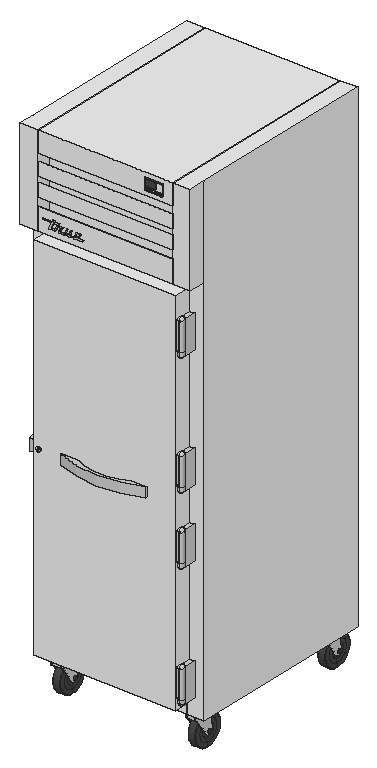
Revit family
Parameters
  Weight in Pounds = 0
  Watts = 1500 W
  Volts = 208 V
  URL Cutsheet = "www.truemfg.com"
  URL = "www.truemfg.com"
  Type Mark [instance] = ""
  Type Comments = ""
  Status [instance] = ""
  Specification by User [instance] = ""
  Specification by Manufacturer = ""
  Show Seismic Flanged [instance] = no
  Show Logo [instance] = yes
  Show Legs [instance] = no
  Show Clearance [instance] = yes
  Serial Number = ""
  Seismic Rating = ""
  Seismic Plate [instance] = and(Show Seismic Flanged, not(Show Casters))  # no
  SMACNA No = ""
  Revision Code [instance] = ""
  Phase = 1
  Omniclass Number and Title = ""
  Number of Poles [instance] = 1
  NAFEM Spec ID Number = ""
  Model = "STR1H-1S"
  Min Ckt Ampacity = 0 A
  Max Overcurrent Protection = 0 A
  Masterspec = ""
  Manufacturer = "TRUE FOOD SERVICE EQUIPMENT, INC."
  Length = 27 1/2"
  Legs [instance] = or(Show Legs, Show Seismic Flanged)  # no
  Item Number [instance] = ""
  Installed By [instance] = ""
  Identify Quantity as Lot [instance] = yes
  Height = 77 3/4"
  HP = ""
  Furnished By [instance] = ""
  Foodservice Equipment Identifier [instance] = yes
  FL Amps = Watts / Volts  # 7.21154 A
  Electrical Remarks [instance] = ""
  Electric Connection Type [instance] = ""
  Elec Conn RI Height [instance] = 0"
  Elec Conn Connection Height [instance] = 0"
  Description = "Reach-in Solid Swing Door Heated Cabinet"
  Depth = 33 3/4"
  Cycle = 60 Hz
  Conn Plug = "6-15P"
  Conn Conduit = yes
  Show Casters [instance] = and(not(if(Show Legs, Show Legs, Show Legs)), not(if(Show Legs, Show Legs, Show Seismic Flanged)))  # yes
  CSI MasterFormat = ""
  CSI Master Format = ""
  Apparent Power = if(Phase = 3, Volts * FL Amps * 1.73, Volts * FL Amps)  # 1500 VA
Reference planes (in)
  plane 1 "BACK": y = 0
  plane 2: z = 0
  plane 3 "LEFT": x = 0
  plane 4 "RIGHT": x = 27.5
  plane 5 "FRONT": y = -33.75
  plane 6 "TOP": z = 84.125
  plane 7: z = 6.125
  plane 8: x = 2.84375
  plane 9: y = -33.7042
Forms (in)
  Extrusion 1, solid, material "QF_Finishes_Chrome - Satin"
    sketch origin (0.05, 0, 0) x (1, 0, 0) y (0, 1, 0)
      loop
        line (-0.05, 0) -> (-0.05, -31) -> (2.87859, -31) -> (2.87859, 0) -> (-0.05, 0)
    from 6.125 to 84.125
  Extrusion 2, solid, material "QF_Finishes_Chrome - Satin"
    sketch origin (50.15, 0, 0) x (1, 0, 0) y (0, 1, 0)
      loop
        line (-25.44375, 0) -> (-25.44375, -31) -> (-22.65, -31) -> (-22.65, 0) -> (-25.44375, 0)
    from 6.125 to 84.125
  Extrusion 3, solid, material "QF_Finishes_Chrome - Satin"
    sketch origin (0, 0, 0) x (0, 1, 0) y (0, 0, 1)
      loop
        line (-33.7042, 69.5) -> (-31, 69.5) -> (-31, 6.125) -> (0, 6.125) -> (0, 84.125) -> (-33.7042, 84.125) -> (-33.7042, 80.78078) -> (-31.5, 79.21352) -> (-31.5, 78.09125) -> (-33.7042, 79.65851) -> (-33.7042, 77.5248) -> (-31.5, 75.95754) -> (-31.5, 74.99678) -> (-33.7042, 76.56404) -> (-33.7042, 74.46784) -> (-31.5, 72.90057) -> (-31.5, 71.625) -> (-33.7042, 73.19226) -> (-33.7042, 69.5)
    from 2.92859 to 24.70625
  Extrusion 4, solid, material "QF_Finishes_Chrome - Satin"
    sketch origin (0, 0, 0) x (1, 0, 0) y (0, 1, 0)
      loop
        line (27.45312, -31) -> (24.70625, -31) -> (24.70625, -33.75) -> (27.45312, -33.75) -> (27.45312, -31)
    from 69.5 to 84.125
  Extrusion 5, solid, material "QF_Finishes_Chrome - Satin"
    sketch origin (-50.125, 0, 0.25) x (1, 0, 0) y (0, 1, 0)
      loop
        line (53.05359, -31) -> (50.17188, -31) -> (50.17188, -33.75) -> (53.05359, -33.75) -> (53.05359, -31)
    from 69.25 to 83.875
  Extrusion 6, solid, material "QF_Finishes_Chrome - Satin"
    sketch origin (-24.96875, 0, -0.71875) x (1, 0, 0) y (0, 0, 1)
      loop
        line (27.15625, 8.75) -> (50.09375, 8.75) -> (50.09375, 68.6875) -> (27.15625, 68.6875) -> (27.15625, 8.75)
    from 31 to 33.75
  Extrusion 7, solid, material "QF_Finishes_Handrails and Railings"
    sketch origin (60.69835, -0.25, 26.37269) x (1, 0, 0) y (0, 1, 0)
      loop
        arc (-42.6421, -33.5) -> (-47.0421, -34.65816) -> (-51.44209, -33.5) r 8.93715
        line (-51.44209, -33.5) -> (-53.84209, -33.5) -> (-53.84209, -33.7)
        arc (-53.84209, -33.7) -> (-47.0421, -35.14405) -> (-40.2421, -33.7) r 16.7325
        line (-40.2421, -33.7) -> (-40.2421, -33.5) -> (-42.6421, -33.5)
    from 10.87731 to 12.37731
  Extrusion 8, solid, material "QF_Finishes_Handrails and Railings"
    sketch origin (-23.375, 0, -2) x (1, 0, 0) y (0, 0, 1)
      loop
        circle (26.4375, 40.0625) r 0.35
      loop
        line (26.47265, 40.33635) -> (26.41715, 40.33635) -> (26.41715, 39.76895) -> (26.47265, 39.76895) -> (26.47265, 40.33635)
    from 33.5 to 33.83066
  Extrusion 9, solid, material "QF_Finishes_Handrails and Railings", visible <- "Show Logo"
    sketch origin (0.33478, 1.08173, -6.73143) x (1, 0, 0) y (0, 0, 1)
      loop
        line (3.46044, 78.46231) -> (3.35478, 78.23573) -> (4.76027, 78.23573)
        arc (4.76027, 78.23573) -> (4.78879, 78.18528) -> (4.76027, 78.13484) r 0.05887
        line (4.76027, 78.13484) -> (4.39369, 77.34872)
        arc (4.39369, 77.34872) -> (4.39051, 77.27591) -> (4.43975, 77.22217) r 0.09523
        line (4.43975, 77.22217) -> (5.33844, 77.22217)
        arc (5.33844, 77.22217) -> (5.45192, 77.25795) -> (5.52436, 77.35235) r 0.19785
        line (5.52436, 77.35235) -> (5.81285, 77.97101) -> (6.0779, 77.97101)
        arc (6.0779, 77.97101) -> (6.14744, 77.94543) -> (6.13737, 77.87203) r 0.05911
        line (6.13737, 77.87203) -> (5.89598, 77.35437)
        arc (5.89598, 77.35437) -> (5.89974, 77.2684) -> (5.97231, 77.22217) r 0.09318
        line (5.97231, 77.22217) -> (6.76198, 77.22217)
        arc (6.76198, 77.22217) -> (6.82249, 77.24419) -> (6.85468, 77.29995) r 0.09412
        arc (6.85468, 77.29995) -> (6.87746, 77.24495) -> (6.93246, 77.22217) r 0.07778
        line (6.93246, 77.22217) -> (7.43246, 77.22217)
        arc (7.43246, 77.22217) -> (7.49022, 77.23765) -> (7.53251, 77.27993) r 0.11552
        arc (7.53251, 77.27993) -> (7.55275, 77.23106) -> (7.60162, 77.21081) r 0.06912
        line (7.60162, 77.21081) -> (8.31225, 77.21081)
        arc (8.31225, 77.21081) -> (8.37034, 77.23488) -> (8.39441, 77.29297) r 0.08216
        arc (8.39441, 77.29297) -> (8.44767, 77.23972) -> (8.52042, 77.22022) r 0.14551
        line (8.52042, 77.22022) -> (9.85158, 77.22022) -> (9.99946, 77.47634) -> (8.65678, 77.47634)
        arc (8.65678, 77.47634) -> (8.61972, 77.50204) -> (8.61834, 77.54711) r 0.05009
        line (8.61834, 77.54711) -> (8.64157, 77.59692)
        arc (8.64157, 77.59692) -> (8.67723, 77.64364) -> (8.73327, 77.66135) r 0.09747
        line (8.73327, 77.66135) -> (9.16485, 77.66135)
        arc (9.16485, 77.66135) -> (9.258, 77.68631) -> (9.32619, 77.7545) r 0.1863
        line (9.32619, 77.7545) -> (9.45119, 77.97101)
        arc (9.45119, 77.97101) -> (9.45119, 78.08657) -> (9.35111, 78.14434) r 0.11556
        line (9.35111, 78.14434) -> (8.89562, 78.14434)
        arc (8.89562, 78.14434) -> (8.7795, 78.12462) -> (8.69849, 78.03912) r 0.18605
        line (8.69849, 78.03912) -> (8.48204, 77.57493)
        arc (8.48204, 77.57493) -> (8.41815, 77.49167) -> (8.31806, 77.46011) r 0.1745
        line (8.31806, 77.46011) -> (7.84559, 77.46011)
        arc (7.84559, 77.46011) -> (7.78903, 77.52184) -> (7.79268, 77.60548) r 0.10939
        line (7.79268, 77.60548) -> (8.04395, 78.14434) -> (7.88403, 78.14434) -> (7.61781, 77.57344)
        arc (7.61781, 77.57344) -> (7.56609, 77.50603) -> (7.48505, 77.48048) r 0.14128
        line (7.48505, 77.48048) -> (7.15925, 77.48048)
        arc (7.15925, 77.48048) -> (7.10419, 77.55223) -> (7.116, 77.64189) r 0.11816
        line (7.116, 77.64189) -> (7.3503, 78.14434) -> (7.18514, 78.14434) -> (6.91546, 77.566)
        arc (6.91546, 77.566) -> (6.85285, 77.50339) -> (6.76733, 77.48048) r 0.17104
        line (6.76733, 77.48048) -> (6.29555, 77.48048)
        arc (6.29555, 77.48048) -> (6.21082, 77.51999) -> (6.20267, 77.61313) r 0.0935
        line (6.20267, 77.61313) -> (6.35774, 77.94569) -> (6.57695, 77.94569)
        arc (6.57695, 77.94569) -> (6.61395, 78.05717) -> (6.69267, 78.14434) r 0.2857
        line (6.69267, 78.14434) -> (5.83605, 78.14434)
        arc (5.83605, 78.14434) -> (5.74086, 78.12324) -> (5.67498, 78.05135) r 0.16212
        line (5.67498, 78.05135) -> (5.44279, 77.55341)
        arc (5.44279, 77.55341) -> (5.3894, 77.50002) -> (5.31647, 77.48048) r 0.14586
        line (5.31647, 77.48048) -> (4.80506, 77.48048)
        arc (4.80506, 77.48048) -> (4.76514, 77.53442) -> (4.77274, 77.60109) r 0.09155
        line (4.77274, 77.60109) -> (5.11018, 78.23573) -> (5.96155, 78.23573) -> (6.06721, 78.46231) -> (5.21584, 78.46231) -> (5.32149, 78.68888) -> (5.01862, 78.68888) -> (4.91297, 78.46231) -> (3.46044, 78.46231)
      loop
        arc (8.83805, 77.93863) -> (8.80119, 77.92875) -> (8.7742, 77.90176) r 0.07373
        line (8.7742, 77.90176) -> (8.75229, 77.83436)
        arc (8.75229, 77.83436) -> (8.76245, 77.80983) -> (8.78699, 77.79966) r 0.0347
        line (8.78699, 77.79966) -> (9.15948, 77.79966)
        arc (9.15948, 77.79966) -> (9.18632, 77.80561) -> (9.20812, 77.82234) r 0.0635
        line (9.20812, 77.82234) -> (9.22624, 77.90622)
        arc (9.22624, 77.90622) -> (9.22091, 77.92868) -> (9.20009, 77.93863) r 0.02676
        line (9.20009, 77.93863) -> (8.83805, 77.93863)
    from 34.76797 to 34.83173
  Extrusion 10, solid, material "QF_Finishes_White"
    sketch origin (-23.16691, 1.06376, 1.58022) x (1, 0, 0) y (0, 0, 1)
      loop
        line (43.31732, 81.73227) -> (43.31732, 79.98496) -> (46.22357, 79.98496) -> (46.22357, 81.73227) -> (43.31732, 81.73227)
    from 34.75 to 34.76797
  Extrusion 11, solid, material "QF_Finishes_Black"
    sketch origin (-23.16691, 1.06376, 1.58022) x (1, 0, 0) y (0, 0, 1)
      loop
        line (46.28607, 81.79477) -> (43.25482, 81.79477) -> (43.25482, 79.92246) -> (46.28607, 79.92246) -> (46.28607, 81.79477)
      loop
        spline (43.45482, 80.25372) -> (43.46333, 80.23754) -> (43.48831, 80.22247) -> (43.52804, 80.20952) -> (43.57982, 80.19959) -> (43.64011, 80.19335) -> (43.70482, 80.19122) -> (43.76952, 80.19335) -> (43.82982, 80.19959) -> (43.88159, 80.20952) -> (43.92132, 80.22247) -> (43.9463, 80.23754) -> (43.95482, 80.25372)
        spline (43.95482, 80.25372) -> (43.9463, 80.26989) -> (43.92132, 80.28497) -> (43.88159, 80.29791) -> (43.82982, 80.30784) -> (43.76952, 80.31409) -> (43.70482, 80.31622) -> (43.64011, 80.31409) -> (43.57982, 80.30784) -> (43.52804, 80.29791) -> (43.48831, 80.28497) -> (43.46333, 80.26989) -> (43.45482, 80.25372)
      loop
        spline (44.15083, 80.25372) -> (44.15935, 80.23754) -> (44.18432, 80.22247) -> (44.22405, 80.20952) -> (44.27583, 80.19959) -> (44.33612, 80.19335) -> (44.40083, 80.19122) -> (44.46553, 80.19335) -> (44.52583, 80.19959) -> (44.57761, 80.20952) -> (44.61734, 80.22247) -> (44.64231, 80.23754) -> (44.65083, 80.25372)
        spline (44.65083, 80.25372) -> (44.64231, 80.26989) -> (44.61734, 80.28497) -> (44.57761, 80.29791) -> (44.52583, 80.30784) -> (44.46553, 80.31409) -> (44.40083, 80.31622) -> (44.33612, 80.31409) -> (44.27583, 80.30784) -> (44.22405, 80.29791) -> (44.18432, 80.28497) -> (44.15935, 80.26989) -> (44.15083, 80.25372)
      loop
        spline (44.90083, 80.25372) -> (44.90935, 80.23754) -> (44.93432, 80.22247) -> (44.97405, 80.20952) -> (45.02583, 80.19959) -> (45.08612, 80.19335) -> (45.15083, 80.19122) -> (45.21553, 80.19335) -> (45.27583, 80.19959) -> (45.32761, 80.20952) -> (45.36734, 80.22247) -> (45.39231, 80.23754) -> (45.40083, 80.25372)
        spline (45.40083, 80.25372) -> (45.39231, 80.26989) -> (45.36734, 80.28497) -> (45.32761, 80.29791) -> (45.27583, 80.30784) -> (45.21553, 80.31409) -> (45.15083, 80.31622) -> (45.08612, 80.31409) -> (45.02583, 80.30784) -> (44.97405, 80.29791) -> (44.93432, 80.28497) -> (44.90935, 80.26989) -> (44.90083, 80.25372)
      loop
        line (43.45481, 81.59478) -> (43.45481, 80.59478) -> (45.15433, 80.59478) -> (45.15433, 81.59478) -> (43.45481, 81.59478)
      loop
        line (46.22357, 81.73227) -> (43.31732, 81.73227) -> (43.31732, 79.98496) -> (46.22357, 79.98496) -> (46.22357, 81.73227)
      loop
        spline (45.65083, 80.25372) -> (45.65935, 80.23754) -> (45.68432, 80.22247) -> (45.72405, 80.20952) -> (45.77583, 80.19959) -> (45.83612, 80.19335) -> (45.90083, 80.19122) -> (45.96553, 80.19335) -> (46.02583, 80.19959) -> (46.07761, 80.20952) -> (46.11734, 80.22247) -> (46.14231, 80.23754) -> (46.15083, 80.25372)
        spline (46.15083, 80.25372) -> (46.14231, 80.26989) -> (46.11734, 80.28497) -> (46.07761, 80.29791) -> (46.02583, 80.30784) -> (45.96553, 80.31409) -> (45.90083, 80.31622) -> (45.83612, 80.31409) -> (45.77583, 80.30784) -> (45.72405, 80.29791) -> (45.68432, 80.28497) -> (45.65935, 80.26989) -> (45.65083, 80.25372)
    from 34.76797 to 34.80335
  Extrusion 12, solid
    sketch origin (-25.125, 0, 0) x (1, 0, 0) y (0, 0, 1)
      loop
        circle (49.375, 82) r 0.25
    from 0 to 0.0625
  Blend 13, solid, material "QF_Finishes_Handrails and Railings"
    base sketch origin (27.53125, 0, 0) x (-1, 0, 0) y (0, 0, -1)
      loop
        line (25.25, -38.99169) -> (26, -38.99169) -> (26, -37.24169) -> (25.25, -37.24169) -> (25.25, -38.99169)
    top sketch origin (27.53125, 0, 0) x (-1, 0, 0) y (0, 0, -1)
      loop
        line (26.18223, -36.6441) -> (25.25, -36.6441) -> (25.25, -39.42643) -> (26.18223, -39.42643) -> (26.18223, -36.6441)
    from 33.57883 to 31
  Extrusion 14, solid, material "QF_Finishes_Handrails and Railings"
    sketch origin (26.1875, 0, 0) x (0, 1, 0) y (0, 0, -1)
      loop
        line (-31, -64.55229) -> (-31, -59.23627) -> (-33.25, -59.23627) -> (-33.25, -59.94848) -> (-32.81497, -59.94848) -> (-32.81497, -64.34776)
        arc (-32.81497, -64.34776) -> (-32.75506, -64.49238) -> (-32.61044, -64.55229) r 0.20453
        line (-32.61044, -64.55229) -> (-31, -64.55229)
    from 0.17506 to 1
  Revolve 15, solid, material "QF_Finishes_Handrails and Railings"
    sketch origin (25.6875, 0, 0) x (0, 1, 0) y (0, 0, -1)
      loop
        line (-33.26563, -60.00189) -> (-33.67229, -60.00189) -> (-33.67229, -64.4736)
        arc (-33.67229, -64.4736) -> (-33.53722, -64.72557) -> (-33.26563, -64.81483) r 0.3848
        line (-33.26563, -64.81483) -> (-33.26563, -60.00189)
      loop
        line (-33.26563, -59.94848) -> (-33.26563, -59.04781)
        arc (-33.26563, -59.04781) -> (-33.53264, -59.13383) -> (-33.67229, -59.37712) r 0.38884
        line (-33.67229, -59.37712) -> (-33.67229, -59.94848) -> (-33.26563, -59.94848)
      axis (-33.26563, -59.04781) -> (-33.26563, -64.81483)
    angle from 0 to 360
  Extrusion 16, solid, material "QF_Finishes_Handrails and Railings"
    sketch origin (27.5, 0, 0) x (-1, 0, 0) y (0, 0, -1)
      loop
        line (1.91491, -64.4736) -> (2.3125, -64.4736) -> (2.3125, -60.00079) -> (1.91491, -60.00079) -> (1.91491, -64.4736)
    from 32.81497 to 33.59495
  Extrusion 17, solid, material "QF_Finishes_Handrails and Railings"
    sketch origin (26.1875, 0, -19.5) x (0, 1, 0) y (0, 0, -1)
      loop
        line (-31, -64.55229) -> (-31, -59.23627) -> (-33.25, -59.23627) -> (-33.25, -59.94848) -> (-32.81497, -59.94848) -> (-32.81497, -64.34776)
        arc (-32.81497, -64.34776) -> (-32.75506, -64.49238) -> (-32.61044, -64.55229) r 0.20453
        line (-32.61044, -64.55229) -> (-31, -64.55229)
    from 0.17506 to 1
  Revolve 18, solid, material "QF_Finishes_Handrails and Railings"
    sketch origin (25.6875, 0, -19.5) x (0, 1, 0) y (0, 0, -1)
      loop
        line (-33.26563, -60.00189) -> (-33.67229, -60.00189) -> (-33.67229, -64.4736)
        arc (-33.67229, -64.4736) -> (-33.53722, -64.72557) -> (-33.26563, -64.81483) r 0.3848
        line (-33.26563, -64.81483) -> (-33.26563, -60.00189)
      loop
        line (-33.26563, -59.94848) -> (-33.26563, -59.04781)
        arc (-33.26563, -59.04781) -> (-33.53264, -59.13383) -> (-33.67229, -59.37712) r 0.38884
        line (-33.67229, -59.37712) -> (-33.67229, -59.94848) -> (-33.26563, -59.94848)
      axis (-33.26563, -59.04781) -> (-33.26563, -64.81483)
    angle from 0 to 360
  Extrusion 19, solid, material "QF_Finishes_Handrails and Railings"
    sketch origin (27.5, 0, -19.5) x (-1, 0, 0) y (0, 0, -1)
      loop
        line (1.91491, -64.4736) -> (2.3125, -64.4736) -> (2.3125, -60.00079) -> (1.91491, -60.00079) -> (1.91491, -64.4736)
    from 32.81497 to 33.59495
  Extrusion 20, solid, material "QF_Finishes_Handrails and Railings"
    sketch origin (26.1875, 0, -30.5) x (0, 1, 0) y (0, 0, -1)
      loop
        line (-31, -64.55229) -> (-31, -59.23627) -> (-33.25, -59.23627) -> (-33.25, -59.94848) -> (-32.81497, -59.94848) -> (-32.81497, -64.34776)
        arc (-32.81497, -64.34776) -> (-32.75506, -64.49238) -> (-32.61044, -64.55229) r 0.20453
        line (-32.61044, -64.55229) -> (-31, -64.55229)
    from 0.17506 to 1
  Revolve 21, solid, material "QF_Finishes_Handrails and Railings"
    sketch origin (25.6875, 0, -30.5) x (0, 1, 0) y (0, 0, -1)
      loop
        line (-33.26563, -60.00189) -> (-33.67229, -60.00189) -> (-33.67229, -64.4736)
        arc (-33.67229, -64.4736) -> (-33.53722, -64.72557) -> (-33.26563, -64.81483) r 0.3848
        line (-33.26563, -64.81483) -> (-33.26563, -60.00189)
      loop
        line (-33.26563, -59.94848) -> (-33.26563, -59.04781)
        arc (-33.26563, -59.04781) -> (-33.53264, -59.13383) -> (-33.67229, -59.37712) r 0.38884
        line (-33.67229, -59.37712) -> (-33.67229, -59.94848) -> (-33.26563, -59.94848)
      axis (-33.26563, -59.04781) -> (-33.26563, -64.81483)
    angle from 0 to 360
  Extrusion 22, solid, material "QF_Finishes_Handrails and Railings"
    sketch origin (27.5, 0, -30.5) x (-1, 0, 0) y (0, 0, -1)
      loop
        line (1.91491, -64.4736) -> (2.3125, -64.4736) -> (2.3125, -60.00079) -> (1.91491, -60.00079) -> (1.91491, -64.4736)
    from 32.81497 to 33.59495
  Extrusion 23, solid, material "QF_Finishes_Handrails and Railings"
    sketch origin (26.1875, 0, -50.25) x (0, 1, 0) y (0, 0, -1)
      loop
        line (-31, -64.55229) -> (-31, -59.23627) -> (-33.25, -59.23627) -> (-33.25, -59.94848) -> (-32.81497, -59.94848) -> (-32.81497, -64.34776)
        arc (-32.81497, -64.34776) -> (-32.75506, -64.49238) -> (-32.61044, -64.55229) r 0.20453
        line (-32.61044, -64.55229) -> (-31, -64.55229)
    from 0.17506 to 1
  Revolve 24, solid, material "QF_Finishes_Handrails and Railings"
    sketch origin (25.6875, 0, -50.25) x (0, 1, 0) y (0, 0, -1)
      loop
        line (-33.26563, -60.00189) -> (-33.67229, -60.00189) -> (-33.67229, -64.4736)
        arc (-33.67229, -64.4736) -> (-33.53722, -64.72557) -> (-33.26563, -64.81483) r 0.3848
        line (-33.26563, -64.81483) -> (-33.26563, -60.00189)
      loop
        line (-33.26563, -59.94848) -> (-33.26563, -59.04781)
        arc (-33.26563, -59.04781) -> (-33.53264, -59.13383) -> (-33.67229, -59.37712) r 0.38884
        line (-33.67229, -59.37712) -> (-33.67229, -59.94848) -> (-33.26563, -59.94848)
      axis (-33.26563, -59.04781) -> (-33.26563, -64.81483)
    angle from 0 to 360
  Extrusion 25, solid, material "QF_Finishes_Handrails and Railings"
    sketch origin (27.5, 0, -50.25) x (-1, 0, 0) y (0, 0, -1)
      loop
        line (1.91491, -64.4736) -> (2.3125, -64.4736) -> (2.3125, -60.00079) -> (1.91491, -60.00079) -> (1.91491, -64.4736)
    from 32.81497 to 33.59495
  Revolve 26, solid, material "QF_Finishes_Black", visible <- "Show Casters"
    sketch origin (22.65625, -27.375, 0) x (1, 0, 0) y (0, 0, 1)
      loop
        line (1.475, 5) -> (1.375, 4.9) -> (1.375, 4.29941) -> (1.53601, 4.29941) -> (1.53601, 3.54941) -> (1.375, 3.54941) -> (1.375, 2.79941) -> (0.975, 2.79941) -> (0.975, 2.5) -> (3.025, 2.5) -> (3.025, 2.79941) -> (2.62908, 2.79941) -> (2.62908, 3.54941) -> (2.46399, 3.54941) -> (2.46399, 4.29941) -> (2.62908, 4.29941) -> (2.62908, 4.89592) -> (2.525, 5) -> (1.475, 5)
      axis (3.025, 2.5) -> (0.975, 2.5)
    angle from 0 to 360
  Extrusion 27, solid, material "QF_Finishes_Handrails and Railings", visible <- "Show Casters"
    sketch origin (22.5625, 0, 0) x (0, 1, 0) y (0, 0, 1)
      loop
        line (-29.95136, 5.48574) -> (-29.95136, 4.88089) -> (-29.70136, 4.88089) -> (-27.95216, 2.18736)
        arc (-27.95216, 2.18736) -> (-27.23883, 1.94868) -> (-26.84581, 2.59003) r 0.60416
        line (-26.84581, 2.59003) -> (-27.20136, 5.48574) -> (-29.95136, 5.48574)
      loop
        line (-3.8577, 5.48574) -> (-3.8577, 4.88089) -> (-3.6077, 4.88089) -> (-1.8585, 2.18736)
        arc (-1.8585, 2.18736) -> (-1.14517, 1.94868) -> (-0.75215, 2.59003) r 0.60416
        line (-0.75215, 2.59003) -> (-1.1077, 5.48574) -> (-3.8577, 5.48574)
    from 1.175 to 1.325
  Extrusion 28, solid, material "QF_Finishes_Handrails and Railings", visible <- "Show Casters"
    sketch origin (24.0625, 0, 0) x (0, 1, 0) y (0, 0, 1)
      loop
        line (-29.95136, 5.48574) -> (-29.95136, 4.88089) -> (-29.70136, 4.88089) -> (-27.95216, 2.18736)
        arc (-27.95216, 2.18736) -> (-27.23883, 1.94868) -> (-26.84581, 2.59003) r 0.60416
        line (-26.84581, 2.59003) -> (-27.20136, 5.48574) -> (-29.95136, 5.48574)
      loop
        line (-3.8577, 5.48574) -> (-3.8577, 4.88089) -> (-3.6077, 4.88089) -> (-1.8585, 2.18736)
        arc (-1.8585, 2.18736) -> (-1.14517, 1.94868) -> (-0.75215, 2.59003) r 0.60416
        line (-0.75215, 2.59003) -> (-1.1077, 5.48574) -> (-3.8577, 5.48574)
    from 1.175 to 1.325
  Revolve 29, solid, material "QF_Finishes_Chrome - Satin", visible <- "Show Casters"
    sketch origin (22.65625, -28.5625, -0.5) x (1, 0, 0) y (0, 0, 1)
      loop
        line (2, 5.99546) -> (2, 6.62359) -> (0.70293, 6.62359) -> (0.70293, 5.99546) -> (2, 5.99546)
      axis (2, 5.99546) -> (2, 6.62359)
    angle from 0 to 360
  Revolve 30, solid, material "QF_Finishes_Chrome - Satin", visible <- "Legs"
    sketch origin (22.65625, -2.69102, 0) x (1, 0, 0) y (0, 0, 1)
      loop
        line (2, 6.125) -> (0.66662, 6.125) -> (1.25, 1) -> (1.5, 1) -> (1.5, 0) -> (2, 0) -> (2, 6.125)
      axis (2, 0) -> (2, 6.125)
    angle from 0 to 360
  Revolve 31, solid, material "QF_Finishes_Chrome - Satin", visible <- "Legs"
    sketch origin (22.65625, -28.65977, 0) x (1, 0, 0) y (0, 0, 1)
      loop
        line (2, 6.125) -> (0.66662, 6.125) -> (1.25, 1) -> (1.5, 1) -> (1.5, 0) -> (2, 0) -> (2, 6.125)
      axis (2, 0) -> (2, 6.125)
    angle from 0 to 360
  Revolve 32, solid, material "QF_Finishes_Chrome - Satin", visible <- "Show Casters"
    sketch origin (22.65625, -2.70321, -0.5) x (1, 0, 0) y (0, 0, 1)
      loop
        line (2, 5.99546) -> (2, 6.62359) -> (0.70293, 6.62359) -> (0.70293, 5.99546) -> (2, 5.99546)
      axis (2, 5.99546) -> (2, 6.62359)
    angle from 0 to 360
  Extrusion 33, solid, material "QF_Finishes_Handrails and Railings", visible <- "Show Casters"
    sketch origin (-25.21875, 0, 0) x (0, 1, 0) y (0, 0, 1)
      loop
        line (-29.95136, 5.48574) -> (-29.95136, 4.88089) -> (-29.70136, 4.88089) -> (-27.16533, 5.19227) -> (-27.20136, 5.48574) -> (-29.95136, 5.48574)
      loop
        line (-3.8577, 5.48574) -> (-3.8577, 4.88089) -> (-3.6077, 4.88089) -> (-1.07167, 5.19227) -> (-1.1077, 5.48574) -> (-3.8577, 5.48574)
    from 49.10625 to 50.45625
  Revolve 34, solid, material "QF_Finishes_Black", visible <- "Show Casters"
    sketch origin (22.65625, -1.21875, 0) x (1, 0, 0) y (0, 0, 1)
      loop
        line (1.475, 5) -> (1.375, 4.9) -> (1.375, 4.29941) -> (1.53601, 4.29941) -> (1.53601, 3.54941) -> (1.375, 3.54941) -> (1.375, 2.79941) -> (0.975, 2.79941) -> (0.975, 2.5) -> (3.025, 2.5) -> (3.025, 2.79941) -> (2.62908, 2.79941) -> (2.62908, 3.54941) -> (2.46399, 3.54941) -> (2.46399, 4.29941) -> (2.62908, 4.29941) -> (2.62908, 4.89592) -> (2.525, 5) -> (1.475, 5)
      axis (3.025, 2.5) -> (0.975, 2.5)
    angle from 0 to 360
  Revolve 35, solid, material "QF_Finishes_Black", visible <- "Show Casters"
    sketch origin (0.84375, -27.375, 0) x (1, 0, 0) y (0, 0, 1)
      loop
        line (1.475, 5) -> (1.375, 4.9) -> (1.375, 4.29941) -> (1.53601, 4.29941) -> (1.53601, 3.54941) -> (1.375, 3.54941) -> (1.375, 2.79941) -> (0.975, 2.79941) -> (0.975, 2.5) -> (3.025, 2.5) -> (3.025, 2.79941) -> (2.62908, 2.79941) -> (2.62908, 3.54941) -> (2.46399, 3.54941) -> (2.46399, 4.29941) -> (2.62908, 4.29941) -> (2.62908, 4.89592) -> (2.525, 5) -> (1.475, 5)
      axis (3.025, 2.5) -> (0.975, 2.5)
    angle from 0 to 360
  Extrusion 36, solid, material "QF_Finishes_Handrails and Railings", visible <- "Show Casters"
    sketch origin (0.84375, 0, 0) x (0, 1, 0) y (0, 0, 1)
      loop
        line (-29.95136, 5.48574) -> (-29.95136, 4.88089) -> (-29.70136, 4.88089) -> (-27.95216, 2.18736)
        arc (-27.95216, 2.18736) -> (-27.23883, 1.94868) -> (-26.84581, 2.59003) r 0.60416
        line (-26.84581, 2.59003) -> (-27.20136, 5.48574) -> (-29.95136, 5.48574)
      loop
        line (-3.8577, 5.48574) -> (-3.8577, 4.88089) -> (-3.6077, 4.88089) -> (-1.8585, 2.18736)
        arc (-1.8585, 2.18736) -> (-1.14517, 1.94868) -> (-0.75215, 2.59003) r 0.60416
        line (-0.75215, 2.59003) -> (-1.1077, 5.48574) -> (-3.8577, 5.48574)
    from 1.175 to 1.325
  Extrusion 37, solid, material "QF_Finishes_Handrails and Railings", visible <- "Show Casters"
    sketch origin (2.34375, 0, 0) x (0, 1, 0) y (0, 0, 1)
      loop
        line (-29.95136, 5.48574) -> (-29.95136, 4.88089) -> (-29.70136, 4.88089) -> (-27.95216, 2.18736)
        arc (-27.95216, 2.18736) -> (-27.23883, 1.94868) -> (-26.84581, 2.59003) r 0.60416
        line (-26.84581, 2.59003) -> (-27.20136, 5.48574) -> (-29.95136, 5.48574)
      loop
        line (-3.8577, 5.48574) -> (-3.8577, 4.88089) -> (-3.6077, 4.88089) -> (-1.8585, 2.18736)
        arc (-1.8585, 2.18736) -> (-1.14517, 1.94868) -> (-0.75215, 2.59003) r 0.60416
        line (-0.75215, 2.59003) -> (-1.1077, 5.48574) -> (-3.8577, 5.48574)
    from 1.175 to 1.325
  Revolve 38, solid, material "QF_Finishes_Chrome - Satin", visible <- "Show Casters"
    sketch origin (0.84375, -28.5625, -0.5) x (1, 0, 0) y (0, 0, 1)
      loop
        line (2, 5.99546) -> (2, 6.62359) -> (0.70293, 6.62359) -> (0.70293, 5.99546) -> (2, 5.99546)
      axis (2, 5.99546) -> (2, 6.62359)
    angle from 0 to 360
  Revolve 39, solid, material "QF_Finishes_Chrome - Satin", visible <- "Legs"
    sketch origin (0.84375, -2.69102, 0) x (1, 0, 0) y (0, 0, 1)
      loop
        line (2, 6.125) -> (0.66662, 6.125) -> (1.25, 1) -> (1.5, 1) -> (1.5, 0) -> (2, 0) -> (2, 6.125)
      axis (2, 0) -> (2, 6.125)
    angle from 0 to 360
  Revolve 40, solid, material "QF_Finishes_Chrome - Satin", visible <- "Legs"
    sketch origin (0.84375, -28.65977, 0) x (1, 0, 0) y (0, 0, 1)
      loop
        line (2, 6.125) -> (0.66662, 6.125) -> (1.25, 1) -> (1.5, 1) -> (1.5, 0) -> (2, 0) -> (2, 6.125)
      axis (2, 0) -> (2, 6.125)
    angle from 0 to 360
  Revolve 41, solid, material "QF_Finishes_Chrome - Satin", visible <- "Show Casters"
    sketch origin (0.84375, -2.70321, -0.5) x (1, 0, 0) y (0, 0, 1)
      loop
        line (2, 5.99546) -> (2, 6.62359) -> (0.70293, 6.62359) -> (0.70293, 5.99546) -> (2, 5.99546)
      axis (2, 5.99546) -> (2, 6.62359)
    angle from 0 to 360
  Extrusion 42, solid, material "QF_Finishes_Handrails and Railings", visible <- "Show Casters"
    sketch origin (-46.9375, 0, 0) x (0, 1, 0) y (0, 0, 1)
      loop
        line (-29.95136, 5.48574) -> (-29.95136, 4.88089) -> (-29.70136, 4.88089) -> (-27.16533, 5.19227) -> (-27.20136, 5.48574) -> (-29.95136, 5.48574)
      loop
        line (-3.8577, 5.48574) -> (-3.8577, 4.88089) -> (-3.6077, 4.88089) -> (-1.07167, 5.19227) -> (-1.1077, 5.48574) -> (-3.8577, 5.48574)
    from 49.10625 to 50.45625
  Revolve 43, solid, material "QF_Finishes_Black", visible <- "Show Casters"
    sketch origin (0.84375, -1.21875, 0) x (1, 0, 0) y (0, 0, 1)
      loop
        line (1.475, 5) -> (1.375, 4.9) -> (1.375, 4.29941) -> (1.53601, 4.29941) -> (1.53601, 3.54941) -> (1.375, 3.54941) -> (1.375, 2.79941) -> (0.975, 2.79941) -> (0.975, 2.5) -> (3.025, 2.5) -> (3.025, 2.79941) -> (2.62908, 2.79941) -> (2.62908, 3.54941) -> (2.46399, 3.54941) -> (2.46399, 4.29941) -> (2.62908, 4.29941) -> (2.62908, 4.89592) -> (2.525, 5) -> (1.475, 5)
      axis (3.025, 2.5) -> (0.975, 2.5)
    angle from 0 to 360
  Extrusion 44, solid, material "QF_Finishes_Door Clearance", visible <- "Show Clearance", detail levels coarse
    sketch origin (26.30341, -3.6098, 0) x (1, 0, 0) y (0, 1, 0)
      loop
        line (-1.17841, -30.1402) -> (-24.14716, -30.1402)
        arc (-24.14716, -30.1402) -> (-17.41977, -46.38156) -> (-1.17841, -53.10895) r 22.96875
        line (-1.17841, -53.10895) -> (-1.17841, -30.1402)
    from 8.03125 to 67.96875
  Extrusion 45, solid, material "QF_Finishes_Chrome - Satin", visible <- "Seismic Plate"
    sketch origin (-0.22541, -26.96562, 0) x (1, 0, 0) y (0, 1, 0)
      loop
        circle (3.06916, -1.69416) r 1.5
    from 0 to 0.25
  Extrusion 46, solid, material "QF_Finishes_Chrome - Satin", visible <- "Seismic Plate"
    sketch origin (-0.22541, -0.99687, 0) x (1, 0, 0) y (0, 1, 0)
      loop
        circle (3.06916, -1.69416) r 1.5
    from 0 to 0.25
  Extrusion 47, solid, material "QF_Finishes_Chrome - Satin", visible <- "Seismic Plate"
    sketch origin (21.49334, -0.99687, 0) x (1, 0, 0) y (0, 1, 0)
      loop
        circle (3.16291, -1.69416) r 1.5
    from 0 to 0.25
  Extrusion 48, solid, material "QF_Finishes_Chrome - Satin", visible <- "Seismic Plate"
    sketch origin (21.49334, -26.96562, 0) x (1, 0, 0) y (0, 1, 0)
      loop
        circle (3.16291, -1.69416) r 1.5
    from 0 to 0.25
Cuts and joins
  joined: Extrusion 1, Extrusion 2, Extrusion 4, Extrusion 5
Lines and regions (in)
  symbolic lines
    curve 1: line (0, 0, 0) -> (27.5, 0, 0)
    curve 2: line (0, -33.75, 0) -> (0, 0, 0)
    curve 3: line (27.5, -33.75, 0) -> (0, -33.75, 0)
    curve 4: line (27.5, 0, 0) -> (27.5, -33.75, 0)
    curve 5: line (27.5, -31.5, 0) -> (0, -31.5, 0)
    curve 22: arc (18.08246, -33.75, 0) -> (13.68246, -34.90816, 0) -> (9.28246, -33.75, 0) r 8.93715
    curve 23: arc (6.88246, -33.95, 0) -> (13.68246, -35.39405, 0) -> (20.48246, -33.95, 0) r 16.7325
    curve 24: line (6.88246, -33.75, 0) -> (6.88246, -33.95, 0)
    curve 25: line (20.48246, -33.95, 0) -> (20.48246, -33.75, 0)
  symbolic lines, style "SpecialityEquipmentHiddenLines", visible <- "Show Casters"
    curve 6: line (3.82597, -24.4208, 0) -> (5.12501, -25.1708, 0)
    curve 7: line (1.20097, -28.96743, 0) -> (3.82597, -24.4208, 0)
    curve 8: line (2.50001, -29.71743, 0) -> (1.20097, -28.96743, 0)
    curve 9: line (5.12501, -25.1708, 0) -> (2.50001, -29.71743, 0)
    curve 10: line (3.82597, -0.4208, 0) -> (5.12501, -1.1708, 0)
    curve 11: line (1.20097, -4.96743, 0) -> (3.82597, -0.4208, 0)
    curve 12: line (2.50001, -5.71743, 0) -> (1.20097, -4.96743, 0)
    curve 13: line (5.12501, -1.1708, 0) -> (2.50001, -5.71743, 0)
    curve 14: line (24.73343, -0.4208, 0) -> (26.03247, -1.1708, 0)
    curve 15: line (22.10843, -4.96743, 0) -> (24.73343, -0.4208, 0)
    curve 16: line (23.40747, -5.71743, 0) -> (22.10843, -4.96743, 0)
    curve 17: line (26.03247, -1.1708, 0) -> (23.40747, -5.71743, 0)
    curve 18: line (24.82718, -24.52487, 0) -> (26.12622, -25.27487, 0)
    curve 19: line (22.20218, -29.07151, 0) -> (24.82718, -24.52487, 0)
    curve 20: line (23.50122, -29.82151, 0) -> (22.20218, -29.07151, 0)
    curve 21: line (26.12622, -25.27487, 0) -> (23.50122, -29.82151, 0)
  symbolic lines, style "QF-Door Swings", visible <- "Show Clearance", detail levels coarse
    curve 26: line (25.125, -33.75, 0) -> (25.125, -56.71875, 0)
    curve 27: arc (25.125, -56.71875, 0) -> (8.88364, -49.99136, 0) -> (2.15625, -33.75, 0) r 22.96875
Dimensions and locks (in)
  "Depth": plane 5 "FRONT" to plane 1 "BACK"
  plane 7 to level = 6 1/8"
  plane 6 "TOP" to level = 84 1/8"
  plane 6 "TOP" to plane 7 = 78"
  plane 6 "TOP" to cut or joined group of Extrusion 1, Extrusion 2, Extrusion 4, Extrusion 5 = 14 5/8"
  Extrusion 6 sketch curve to Extrusion 6 sketch curve = 22 15/16"
  Extrusion 6 to plane 1 "BACK" = 33 3/4"
  "Length": plane 3 "LEFT" to plane 4 "RIGHT"
  plane 4 "RIGHT" to plane 3 "LEFT" = 27 1/2"
  cut or joined group of Extrusion 1, Extrusion 2, Extrusion 4, Extrusion 5 to cut or joined group of Extrusion 1, Extrusion 2, Extrusion 4, Extrusion 5 = 27 13/32"
  Extrusion 7 to Extrusion 6 = 29 7/32"
  Extrusion 6 to Extrusion 7 = 29 7/32"
  Extrusion 6 to Extrusion 6 = 22 15/16"
  aligned and locked: level to plane 2
Automatic sketch dimensions
  plane 1 "BACK" to curve 1 = 0"
  curve 1 to plane 3 "LEFT" = 0"
  plane 5 "FRONT" to curve 27 = 0"
  curve 3 to plane 4 "RIGHT" = 0"
  plane 3 "LEFT" to curve 11 = 1.20097"
  plane 3 "LEFT" to curve 8 = 1.20097"
  curve 27 to plane 8 = 11/16"
  curve 13 to plane 8 = 11/32"
  curve 8 to plane 8 = 11/32"
  plane 1 "BACK" to curve 11 = 0.4208"
  plane 8 to curve 11 = 0.98222"
  plane 8 to curve 7 = 0.98222"
  plane 5 "FRONT" to curve 23 = 0.2"
  plane 8 to curve 23 = 4.03871"
  curve 24 to curve 22 = 2.4"
  plane 8 to curve 23 = 10.83871"
  curve 6 to curve 22 = 8.55746"
  plane 5 "FRONT" to curve 25 = 0.2"
  curve 16 to plane 4 "RIGHT" = 5.39157"
  curve 19 to plane 4 "RIGHT" = 5.29782"
  curve 15 to curve 17 = 1.29904"
  curve 19 to curve 21 = 1.29904"
  plane 1 "BACK" to curve 15 = 0.4208"
  curve 15 to plane 4 "RIGHT" = 2.76657"
  curve 18 to plane 4 "RIGHT" = 2.67282"
  curve 27 to plane 4 "RIGHT" = 2 3/8"
  curve 5 to plane 5 "FRONT" = 2 1/4"
  curve 21 to plane 5 "FRONT" = 3.92849"
  curve 5 to curve 8 = 1.78257"
  curve 20 to curve 20 = 3/4"
  curve 8 to curve 7 = 3/4"
  curve 22 to curve 6 = 0.80021"
  curve 22 to curve 23 = 7.30945"
  curve 12 to curve 10 = 5.29663"
  curve 16 to curve 14 = 5.29663"
  Extrusion 1 sketch curve to plane 3 "LEFT" = 0"
  plane 1 "BACK" to Extrusion 1 sketch curve = 0"
  plane 8 to Extrusion 1 sketch curve = 0.08484"
  Extrusion 1 sketch curve to plane 5 "FRONT" = 2 3/4"
  plane 1 "BACK" to Extrusion 2 sketch curve = 0"
  Extrusion 2 sketch curve to plane 4 "RIGHT" = 0"
  Extrusion 2 sketch curve to plane 4 "RIGHT" = 2.79375"
  Extrusion 2 sketch curve to plane 5 "FRONT" = 2 3/4"
  Extrusion 3 sketch curve to plane 9 = 0"  (x4)
  Extrusion 3 sketch curve to plane 6 "TOP" = 0"
  plane 9 to Extrusion 3 sketch curve = 2.2042"  (x2)
  Extrusion 3 sketch curve to Extrusion 3 sketch curve = 0"
  Extrusion 3 sketch curve to Extrusion 3 sketch curve = 1/2"
  plane 1 "BACK" to Extrusion 3 sketch curve = 0"
  Extrusion 3 sketch curve to plane 6 "TOP" = 3.34422"
  Extrusion 3 sketch curve to Extrusion 3 sketch curve = 1.12227"  (x2)
  Extrusion 3 sketch curve to Extrusion 3 sketch curve = 0.445"
  Extrusion 3 sketch curve to Extrusion 3 sketch curve = 2.13371"  (x2)
  Extrusion 3 sketch curve to Extrusion 3 sketch curve = 0.96076"  (x2)
  Extrusion 3 sketch curve to Extrusion 3 sketch curve = 2.0962"  (x2)
  Extrusion 3 sketch curve to Extrusion 3 sketch curve = 1.27557"  (x2)
  Extrusion 3 sketch curve to Extrusion 3 sketch curve = 2 1/8"
  Extrusion 3 sketch curve to plane 7 = 0"
  plane 5 "FRONT" to Extrusion 4 sketch curve = 0"
  Extrusion 4 sketch curve to plane 4 "RIGHT" = 2.79375"
  Extrusion 4 sketch curve to plane 4 "RIGHT" = 3/64"
  Extrusion 4 sketch curve to plane 5 "FRONT" = 2 3/4"
  plane 5 "FRONT" to Extrusion 5 sketch curve = 0"
  plane 3 "LEFT" to Extrusion 5 sketch curve = 3/64"
  plane 8 to Extrusion 5 sketch curve = 0.08484"
  Extrusion 5 sketch curve to plane 5 "FRONT" = 2 3/4"
  Extrusion 6 sketch curve to plane 8 = 21/32"
  plane 7 to Extrusion 6 sketch curve = 1 29/32"
  plane 8 to Extrusion 8 sketch curve = 0.1984"
  plane 8 to Extrusion 8 sketch curve = 7/32"
  Extrusion 8 sketch curve to Extrusion 8 sketch curve = 0.0555"
  plane 7 to Extrusion 8 sketch curve = 31.64395"
  Extrusion 8 sketch curve to Extrusion 8 sketch curve = 0.29355"
  Extrusion 8 sketch curve to Extrusion 8 sketch curve = 0.27385"
  plane 8 to Extrusion 9 sketch curve = 0.84582"
  Extrusion 9 sketch curve to Extrusion 9 sketch curve = 0.10565"  (x5)
  Extrusion 9 sketch curve to Extrusion 9 sketch curve = 1.03891"
  Extrusion 9 sketch curve to Extrusion 9 sketch curve = 0.04606"
  Extrusion 9 sketch curve to Extrusion 9 sketch curve = 0.04025"
  Extrusion 9 sketch curve to Extrusion 9 sketch curve = 0.33624"
  Extrusion 9 sketch curve to Extrusion 9 sketch curve = 0.03034"  (x2)
  Extrusion 9 sketch curve to Extrusion 9 sketch curve = 0.29274"
  Extrusion 9 sketch curve to Extrusion 9 sketch curve = 0.03232"
  Extrusion 9 sketch curve to Extrusion 9 sketch curve = 0.08083"
  Extrusion 9 sketch curve to Extrusion 9 sketch curve = 0.1527"
  Extrusion 9 sketch curve to Extrusion 9 sketch curve = 0.19721"
  Extrusion 9 sketch curve to Extrusion 9 sketch curve = 0.4629"
  Extrusion 9 sketch curve to Extrusion 9 sketch curve = 0.02197"
  Extrusion 9 sketch curve to Extrusion 9 sketch curve = 0.12632"
  Extrusion 9 sketch curve to Extrusion 9 sketch curve = 0.18591"
  Extrusion 9 sketch curve to Extrusion 9 sketch curve = 0.2322"
  Extrusion 9 sketch curve to Extrusion 9 sketch curve = 0.13786"
  Extrusion 9 sketch curve to Extrusion 9 sketch curve = 0.00907"
  Extrusion 9 sketch curve to Extrusion 9 sketch curve = 0.01413"
  Extrusion 9 sketch curve to Extrusion 9 sketch curve = 0.37162"
  Extrusion 9 sketch curve to Extrusion 9 sketch curve = 0.12551"
  Extrusion 9 sketch curve to Extrusion 9 sketch curve = 0.07633"
  Extrusion 9 sketch curve to Extrusion 9 sketch curve = 0.08445"
  Extrusion 9 sketch curve to Extrusion 9 sketch curve = 0.25598"
  Extrusion 9 sketch curve to Extrusion 9 sketch curve = 0.01887"
  Extrusion 9 sketch curve to Extrusion 9 sketch curve = 0.04061"
  Extrusion 9 sketch curve to Extrusion 9 sketch curve = 0.0653"
  Extrusion 9 sketch curve to Extrusion 9 sketch curve = 0.08474"
  Extrusion 9 sketch curve to Extrusion 9 sketch curve = 0.00815"
  Extrusion 9 sketch curve to Extrusion 9 sketch curve = 0.22037"
  Extrusion 9 sketch curve to Extrusion 9 sketch curve = 0.21921"
  Extrusion 9 sketch curve to Extrusion 9 sketch curve = 0.11572"
  Extrusion 9 sketch curve to Extrusion 9 sketch curve = 0.46643"
  Extrusion 9 sketch curve to Extrusion 9 sketch curve = 0.00535"
  Extrusion 9 sketch curve to Extrusion 9 sketch curve = 0.09269"
  Extrusion 9 sketch curve to Extrusion 9 sketch curve = 0.09348"
  Extrusion 9 sketch curve to Extrusion 9 sketch curve = 0.14812"
  Extrusion 9 sketch curve to Extrusion 9 sketch curve = 0.07778"  (x3)
  Extrusion 9 sketch curve to Extrusion 9 sketch curve = 0.20054"
  Extrusion 9 sketch curve to Extrusion 9 sketch curve = 0.04325"
  Extrusion 9 sketch curve to Extrusion 9 sketch curve = 0.32433"
  Extrusion 9 sketch curve to Extrusion 9 sketch curve = 0.10233"  (x2)
  Extrusion 9 sketch curve to Extrusion 9 sketch curve = 0.16515"
  Extrusion 9 sketch curve to Extrusion 9 sketch curve = 0.27321"
  Extrusion 9 sketch curve to Extrusion 9 sketch curve = 0.0526"
  Extrusion 9 sketch curve to Extrusion 9 sketch curve = 0.10005"
  Extrusion 9 sketch curve to Extrusion 9 sketch curve = 0.06912"
  Extrusion 9 sketch curve to Extrusion 9 sketch curve = 0.13276"
  Extrusion 9 sketch curve to Extrusion 9 sketch curve = 0.17486"
  Extrusion 9 sketch curve to Extrusion 9 sketch curve = 0.05291"
  Extrusion 9 sketch curve to Extrusion 9 sketch curve = 0.53374"
  Extrusion 9 sketch curve to Extrusion 9 sketch curve = 0.09914"  (x2)
  Extrusion 9 sketch curve to Extrusion 9 sketch curve = 0.15992"
  Extrusion 9 sketch curve to Extrusion 9 sketch curve = 0.46666"
  Extrusion 9 sketch curve to Extrusion 9 sketch curve = 0.00582"
  Extrusion 9 sketch curve to Extrusion 9 sketch curve = 0.08216"
  Extrusion 9 sketch curve to Extrusion 9 sketch curve = 0.16397"
  Extrusion 9 sketch curve to Extrusion 9 sketch curve = 0.12601"
  Extrusion 9 sketch curve to Extrusion 9 sketch curve = 0.1363"
  Extrusion 9 sketch curve to Extrusion 9 sketch curve = 0.02323"
  Extrusion 9 sketch curve to Extrusion 9 sketch curve = 0.03844"
  Extrusion 9 sketch curve to Extrusion 9 sketch curve = 0.0454"
  Extrusion 9 sketch curve to Extrusion 9 sketch curve = 0.05693"
  Extrusion 9 sketch curve to Extrusion 9 sketch curve = 0.0917"
  Extrusion 9 sketch curve to Extrusion 9 sketch curve = 0.01902"
  Extrusion 9 sketch curve to Extrusion 9 sketch curve = 0.02191"
  Extrusion 9 sketch curve to Extrusion 9 sketch curve = 0.0347"
  Extrusion 9 sketch curve to Extrusion 9 sketch curve = 0.06385"
  Extrusion 9 sketch curve to Extrusion 9 sketch curve = 0.02906"
  Extrusion 9 sketch curve to Extrusion 9 sketch curve = 0.02851"
  Extrusion 9 sketch curve to Extrusion 9 sketch curve = 0.29237"
  Extrusion 9 sketch curve to Extrusion 9 sketch curve = 0.00537"
  Extrusion 9 sketch curve to Extrusion 9 sketch curve = 0.0406"
  Extrusion 9 sketch curve to Extrusion 9 sketch curve = 0.04327"
  Extrusion 9 sketch curve to Extrusion 9 sketch curve = 0.02615"
  Extrusion 9 sketch curve to Extrusion 9 sketch curve = 0.11806"
  Extrusion 9 sketch curve to Extrusion 9 sketch curve = 0.15103"
  Extrusion 9 sketch curve to Extrusion 9 sketch curve = 0.10007"
  Extrusion 9 sketch curve to Extrusion 9 sketch curve = 0.5254"
  Extrusion 9 sketch curve to Extrusion 9 sketch curve = 0.14787"
  Extrusion 9 sketch curve to plane 6 "TOP" = 13.64562"
  Extrusion 9 sketch curve to Extrusion 9 sketch curve = 0.07275"
  Extrusion 9 sketch curve to Extrusion 9 sketch curve = 0.05776"
  Extrusion 9 sketch curve to Extrusion 9 sketch curve = 0.08631"
  Extrusion 9 sketch curve to Extrusion 9 sketch curve = 0.09282"
  Extrusion 9 sketch curve to Extrusion 9 sketch curve = 0.13018"
  Extrusion 9 sketch curve to Extrusion 9 sketch curve = 0.16714"
  Extrusion 9 sketch curve to Extrusion 9 sketch curve = 0.11061"
  Extrusion 9 sketch curve to Extrusion 9 sketch curve = 0.06046"
  Extrusion 9 sketch curve to Extrusion 9 sketch curve = 0.16548"
  Extrusion 9 sketch curve to Extrusion 9 sketch curve = 0.14279"
  Extrusion 9 sketch curve to Extrusion 9 sketch curve = 0.0496"
  Extrusion 9 sketch curve to Extrusion 9 sketch curve = 0.07293"
  Extrusion 9 sketch curve to Extrusion 9 sketch curve = 0.07764"
  Extrusion 9 sketch curve to Extrusion 9 sketch curve = 0.03794"
  Extrusion 9 sketch curve to Extrusion 9 sketch curve = 0.08552"
  Extrusion 9 sketch curve to Extrusion 9 sketch curve = 0.09296"
  Extrusion 9 sketch curve to Extrusion 9 sketch curve = 0.09314"
  Extrusion 9 sketch curve to Extrusion 9 sketch curve = 0.02781"
  Extrusion 9 sketch curve to Extrusion 9 sketch curve = 0.04981"
  Extrusion 9 sketch curve to Extrusion 9 sketch curve = 0.09315"
  Extrusion 9 sketch curve to Extrusion 9 sketch curve = 0.04799"
  Extrusion 9 sketch curve to Extrusion 9 sketch curve = 0.02531"
  Extrusion 9 sketch curve to Extrusion 9 sketch curve = 0.03054"
  Extrusion 9 sketch curve to Extrusion 9 sketch curve = 0.2589"
  Extrusion 9 sketch curve to Extrusion 9 sketch curve = 0.0674"
  Extrusion 9 sketch curve to Extrusion 9 sketch curve = 0.0324"
  Extrusion 9 sketch curve to Extrusion 9 sketch curve = 0.26185"
  Extrusion 9 sketch curve to Extrusion 9 sketch curve = 11/256"
  Extrusion 9 sketch curve to Extrusion 9 sketch curve = 0.07366"
  Extrusion 9 sketch curve to Extrusion 9 sketch curve = 0.02187"
  Extrusion 9 sketch curve to Extrusion 9 sketch curve = 0.06479"
  Extrusion 9 sketch curve to Extrusion 9 sketch curve = 0.01183"
  Extrusion 9 sketch curve to Extrusion 9 sketch curve = 0.05778"
  Extrusion 9 sketch curve to Extrusion 9 sketch curve = 0.53375"
  Extrusion 9 sketch curve to Extrusion 9 sketch curve = 0.23098"
  Extrusion 9 sketch curve to Extrusion 9 sketch curve = 0"
  Extrusion 9 sketch curve to Extrusion 9 sketch curve = 0.05045"
  Extrusion 9 sketch curve to Extrusion 9 sketch curve = 0.09139"
  Extrusion 9 sketch curve to Extrusion 9 sketch curve = 29/128"  (x3)
  Extrusion 10 sketch curve to plane 6 "TOP" = 2.55982"
  Extrusion 10 sketch curve to plane 4 "RIGHT" = 7.3496"
  Extrusion 10 sketch curve to Extrusion 10 sketch curve = 2 29/32"
  Extrusion 10 sketch curve to plane 6 "TOP" = 13/16"
  Extrusion 11 sketch curve to plane 6 "TOP" = 3/4"
  Extrusion 11 sketch curve to plane 4 "RIGHT" = 7.4121"
  Extrusion 11 sketch curve to Extrusion 11 sketch curve = 1/16"  (x4)
  Extrusion 11 sketch curve to Extrusion 11 sketch curve = 0.1375"  (x2)
  Extrusion 11 sketch curve to Extrusion 11 sketch curve = 1/4"  (x4)
  Extrusion 11 sketch curve to Extrusion 11 sketch curve = 0.44601"
  Extrusion 11 sketch curve to Extrusion 11 sketch curve = 1/2"  (x2)
  Extrusion 11 sketch curve to Extrusion 11 sketch curve = 0.0035"
  Extrusion 11 sketch curve to Extrusion 11 sketch curve = 1.06923"
  Extrusion 11 sketch curve to plane 6 "TOP" = 0.95"
  Extrusion 11 sketch curve to Extrusion 11 sketch curve = 1"
  Extrusion 11 sketch curve to Extrusion 11 sketch curve = 0.34106"  (x3)
  Extrusion 11 sketch curve to Extrusion 11 sketch curve = 0"
  Extrusion 11 sketch curve to Extrusion 11 sketch curve = 0.26876"
  Extrusion 12 sketch curve to plane 4 "RIGHT" = 3 1/4"
  Extrusion 12 sketch curve to plane 6 "TOP" = 2 1/8"
  Blend 13 sketch curve to plane 8 = 9/16"
  Blend 13 sketch curve to Blend 13 sketch curve = 3/4"
  plane 7 to Blend 13 sketch curve = 32.86669"
  Blend 13 sketch curve to Blend 13 sketch curve = 1 3/4"
  plane 8 to Blend 13 sketch curve = 9/16"
  Blend 13 sketch curve to Blend 13 sketch curve = 0.93223"
  Blend 13 sketch curve to plane 7 = 30.5191"
  Blend 13 sketch curve to Blend 13 sketch curve = 2.78233"
  Extrusion 14 sketch curve to plane 5 "FRONT" = 1/2"
  Extrusion 14 sketch curve to Extrusion 14 sketch curve = 0.43503"
  Extrusion 14 sketch curve to Extrusion 14 sketch curve = 0.20453"
  Extrusion 14 sketch curve to Extrusion 14 sketch curve = 1.61044"
  Extrusion 14 sketch curve to plane 6 "TOP" = 19.57271"
  Extrusion 14 sketch curve to Extrusion 14 sketch curve = 4.39928"
  Extrusion 14 sketch curve to Extrusion 14 sketch curve = 0.71221"
  Revolve 15 sketch curve to plane 5 "FRONT" = 0.07771"  (x2)
  Revolve 15 sketch curve to Revolve 15 sketch curve = 0.38242"
  Revolve 15 sketch curve to Revolve 15 sketch curve = 0.38436"
  Revolve 15 sketch curve to plane 5 "FRONT" = 31/64"
  Revolve 15 sketch curve to Revolve 15 sketch curve = 0.40666"
  Revolve 15 sketch curve to Revolve 15 sketch curve = 0"
  Revolve 15 sketch curve to plane 6 "TOP" = 18.75492"
  Revolve 15 sketch curve to Revolve 15 sketch curve = 0.55526"
  Revolve 15 sketch curve to Revolve 15 sketch curve = 0.19474"
  Revolve 15 sketch curve to Revolve 15 sketch curve = 0.14649"
  Revolve 15 sketch curve to Revolve 15 sketch curve = 4.42889"
  Revolve 15 sketch curve to Revolve 15 sketch curve = 0.05342"
  Revolve 15 sketch curve to Revolve 15 sketch curve = 0.51246"
  Revolve 15 sketch curve to Revolve 15 sketch curve = 0.05889"
  Extrusion 16 sketch curve to plane 4 "RIGHT" = 1.91491"
  Extrusion 16 sketch curve to Extrusion 16 sketch curve = 0.39759"
  Extrusion 16 sketch curve to plane 6 "TOP" = 19.6514"
  Extrusion 16 sketch curve to Extrusion 16 sketch curve = 4.47281"
  Extrusion 17 sketch curve to plane 5 "FRONT" = 1/2"
  Extrusion 17 sketch curve to Extrusion 17 sketch curve = 0.43503"
  Extrusion 17 sketch curve to Extrusion 17 sketch curve = 0.20453"
  Extrusion 17 sketch curve to Extrusion 17 sketch curve = 1.61044"
  plane 7 to Extrusion 17 sketch curve = 38.92729"
  Extrusion 17 sketch curve to Extrusion 17 sketch curve = 4.39928"
  Extrusion 17 sketch curve to Extrusion 17 sketch curve = 0.71221"
  Revolve 18 sketch curve to plane 5 "FRONT" = 0.07771"  (x2)
  Revolve 18 sketch curve to Revolve 18 sketch curve = 0.38242"
  Revolve 18 sketch curve to Revolve 18 sketch curve = 0.38436"
  Revolve 18 sketch curve to plane 5 "FRONT" = 31/64"
  Revolve 18 sketch curve to Revolve 18 sketch curve = 0.40666"
  Revolve 18 sketch curve to Revolve 18 sketch curve = 0"
  Revolve 18 sketch curve to plane 6 "TOP" = 38.25492"
  Revolve 18 sketch curve to Revolve 18 sketch curve = 0.55526"
  Revolve 18 sketch curve to Revolve 18 sketch curve = 0.19474"
  Revolve 18 sketch curve to Revolve 18 sketch curve = 0.14649"
  Revolve 18 sketch curve to Revolve 18 sketch curve = 4.42889"
  Revolve 18 sketch curve to Revolve 18 sketch curve = 0.05342"
  Revolve 18 sketch curve to Revolve 18 sketch curve = 0.51246"
  Revolve 18 sketch curve to Revolve 18 sketch curve = 0.05889"
  Extrusion 19 sketch curve to plane 4 "RIGHT" = 1.91491"
  Extrusion 19 sketch curve to Extrusion 19 sketch curve = 0.39759"
  plane 7 to Extrusion 19 sketch curve = 38.8486"
  Extrusion 19 sketch curve to Extrusion 19 sketch curve = 4.47281"
  Extrusion 20 sketch curve to plane 5 "FRONT" = 1/2"
  Extrusion 20 sketch curve to Extrusion 20 sketch curve = 0.43503"
  Extrusion 20 sketch curve to Extrusion 20 sketch curve = 0.20453"
  Extrusion 20 sketch curve to Extrusion 20 sketch curve = 1.61044"
  plane 7 to Extrusion 20 sketch curve = 27.92729"
  Extrusion 20 sketch curve to Extrusion 20 sketch curve = 4.39928"
  Extrusion 20 sketch curve to Extrusion 20 sketch curve = 0.71221"
  Revolve 21 sketch curve to plane 5 "FRONT" = 0.07771"  (x2)
  Revolve 21 sketch curve to Revolve 21 sketch curve = 0.38242"
  Revolve 21 sketch curve to Revolve 21 sketch curve = 0.38436"
  Revolve 21 sketch curve to plane 5 "FRONT" = 31/64"
  Revolve 21 sketch curve to Revolve 21 sketch curve = 0.40666"
  Revolve 21 sketch curve to Revolve 21 sketch curve = 0"
  plane 7 to Revolve 21 sketch curve = 28.74508"
  Revolve 21 sketch curve to Revolve 21 sketch curve = 0.55526"
  Revolve 21 sketch curve to Revolve 21 sketch curve = 0.19474"
  Revolve 21 sketch curve to Revolve 21 sketch curve = 0.14649"
  Revolve 21 sketch curve to Revolve 21 sketch curve = 4.42889"
  Revolve 21 sketch curve to Revolve 21 sketch curve = 0.05342"
  Revolve 21 sketch curve to Revolve 21 sketch curve = 0.51246"
  Revolve 21 sketch curve to Revolve 21 sketch curve = 0.05889"
  Extrusion 22 sketch curve to plane 4 "RIGHT" = 1.91491"
  Extrusion 22 sketch curve to Extrusion 22 sketch curve = 0.39759"
  plane 7 to Extrusion 22 sketch curve = 27.8486"
  Extrusion 22 sketch curve to Extrusion 22 sketch curve = 4.47281"
  Extrusion 23 sketch curve to plane 5 "FRONT" = 1/2"
  Extrusion 23 sketch curve to Extrusion 23 sketch curve = 0.43503"
  Extrusion 23 sketch curve to Extrusion 23 sketch curve = 0.20453"
  Extrusion 23 sketch curve to Extrusion 23 sketch curve = 1.61044"
  plane 7 to Extrusion 23 sketch curve = 8.17729"
  plane 7 to Extrusion 23 sketch curve = 3.57348"
  Extrusion 23 sketch curve to Extrusion 23 sketch curve = 0.71221"
  Revolve 24 sketch curve to plane 5 "FRONT" = 0.07771"  (x2)
  Revolve 24 sketch curve to Revolve 24 sketch curve = 0.38242"
  Revolve 24 sketch curve to Revolve 24 sketch curve = 0.38436"
  Revolve 24 sketch curve to plane 5 "FRONT" = 31/64"
  Revolve 24 sketch curve to Revolve 24 sketch curve = 0.40666"
  Revolve 24 sketch curve to Revolve 24 sketch curve = 0"
  plane 7 to Revolve 24 sketch curve = 8.99508"
  Revolve 24 sketch curve to Revolve 24 sketch curve = 0.55526"
  Revolve 24 sketch curve to Revolve 24 sketch curve = 0.19474"
  Revolve 24 sketch curve to Revolve 24 sketch curve = 0.14649"
  plane 7 to Revolve 24 sketch curve = 3.62689"
  Revolve 24 sketch curve to Revolve 24 sketch curve = 0.05342"
  Revolve 24 sketch curve to Revolve 24 sketch curve = 0.51246"
  Revolve 24 sketch curve to Revolve 24 sketch curve = 0.05889"
  Extrusion 25 sketch curve to plane 4 "RIGHT" = 1.91491"
  Extrusion 25 sketch curve to Extrusion 25 sketch curve = 0.39759"
  plane 7 to Extrusion 25 sketch curve = 8.0986"
  plane 7 to Extrusion 25 sketch curve = 3.62579"
  Revolve 26 sketch curve to plane 4 "RIGHT" = 4.35148"
  Revolve 26 sketch curve to Revolve 26 sketch curve = 0.48273"
  Revolve 26 sketch curve to Revolve 26 sketch curve = 0.4"
  Revolve 26 sketch curve to Revolve 26 sketch curve = 0"  (x2)
  Revolve 26 sketch curve to Revolve 26 sketch curve = 0.1"  (x2)
  Revolve 26 sketch curve to Revolve 26 sketch curve = 0.16101"
  Revolve 26 sketch curve to Revolve 26 sketch curve = 0.75408"
  Revolve 26 sketch curve to Revolve 26 sketch curve = 0.92798"
  Revolve 26 sketch curve to Revolve 26 sketch curve = 0.06101"
  Revolve 26 sketch curve to Revolve 26 sketch curve = 1/2"
  Revolve 26 sketch curve to Revolve 26 sketch curve = 0.16509"
  Revolve 26 sketch curve to Revolve 26 sketch curve = 0.39592"
  level to Revolve 26 sketch curve = 2 1/2"
  Revolve 26 sketch curve to Revolve 26 sketch curve = 0.29941"  (x2)
  Revolve 26 sketch curve to Revolve 26 sketch curve = 3/4"  (x4)
  Revolve 26 sketch curve to Revolve 26 sketch curve = 0.59652"
  Revolve 26 sketch curve to Revolve 26 sketch curve = 0.60059"
  Extrusion 27 sketch curve to plane 7 = 0.63926"  (x2)
  Extrusion 27 sketch curve to plane 5 "FRONT" = 3.79864"
  Extrusion 27 sketch curve to Extrusion 27 sketch curve = 1/4"  (x2)
  level to Extrusion 27 sketch curve = 2.18736"  (x2)
  Extrusion 27 sketch curve to Extrusion 27 sketch curve = 1.7492"
  Extrusion 27 sketch curve to Extrusion 27 sketch curve = 0.50669"  (x2)
  Extrusion 27 sketch curve to Extrusion 27 sketch curve = 2 1/2"
  level to Extrusion 27 sketch curve = 2.59003"
  Extrusion 27 sketch curve to Extrusion 27 sketch curve = 0.59966"  (x2)
  plane 1 "BACK" to Extrusion 27 sketch curve = 3.8577"
  plane 1 "BACK" to Extrusion 27 sketch curve = 1.8585"
  plane 1 "BACK" to Extrusion 27 sketch curve = 1.1077"
  Extrusion 27 sketch curve to Extrusion 27 sketch curve = 0.32905"
  Extrusion 27 sketch curve to Extrusion 27 sketch curve = 0.60485"  (x2)
  Extrusion 28 sketch curve to plane 7 = 0.63926"  (x2)
  Extrusion 28 sketch curve to plane 5 "FRONT" = 3.79864"
  Extrusion 28 sketch curve to Extrusion 28 sketch curve = 1/4"  (x2)
  level to Extrusion 28 sketch curve = 2.18736"  (x2)
  Extrusion 28 sketch curve to Extrusion 28 sketch curve = 1.7492"
  Extrusion 28 sketch curve to Extrusion 28 sketch curve = 0.50669"  (x2)
  Extrusion 28 sketch curve to Extrusion 28 sketch curve = 2 1/2"
  level to Extrusion 28 sketch curve = 2.59003"
  Extrusion 28 sketch curve to Extrusion 28 sketch curve = 0.59966"  (x2)
  plane 1 "BACK" to Extrusion 28 sketch curve = 3.8577"
  plane 1 "BACK" to Extrusion 28 sketch curve = 1.8585"
  plane 1 "BACK" to Extrusion 28 sketch curve = 1.1077"
